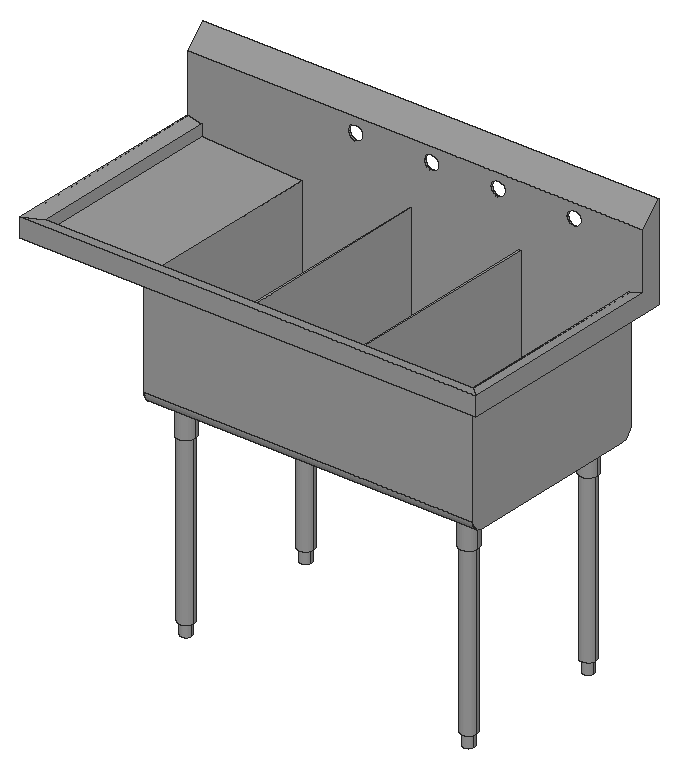
Revit family "equip-sink-elkay-Sturdibilt-TPL-DB-L", category Plumbing Fixtures, Revit 2019
Family settings
  Round Connector Dimension = Use Diameter
  Part Type = Normal
  Work Plane-Based = No
  Always vertical = Yes
  Cut with Voids When Loaded = No
  Shared = No
  Room Calculation Point = No
Parameters (values of type "ByType")
  Width = 2' - 0"
  URL = "http://www.elkayusa.com/cps/rde/xchg/elkay/hs.xsl/Default.aspx"
  Specification URL = "http://www.elkayusa.com/cps/rde/xbcr/elkay/04-04F_STURDIBILT_SCULLERY_TRIPLE.pdf"
  Model Number = " "
  Model = "Sturdibilt"
  Manufacturer = "Elkay Manufacturer"
  Length = 4' - 0"
  Hidden Width = if(Compartment Width > 0' 11", Width, (Backsplash Width + Sink Rim Front Width + Compartment Width))  # 2' - 0"
  Sink Material = Metal - Steel - Stainless - Chrome
  Hidden Drainboard Left = if(Drainboard Left > 0' 2", Drainboard Left, 0' 2")  # 1' - 0"
  Sink Rim Side Left Width = 0' - 1 1/2"  # constant formula
  Hidden Compartment Width = Width - Sink Rim Front Width - Backsplash Width  # 1' - 8 1/2"
  Hidden Compartment Length = (Length - Drainboard Left) / 3  # 1' - 0"
  Drainboard Left = 1' - 0"
  Description = "Sturdibilt Triple Compartment Scullery Sinks, Drainborad Left"
  Compartment Length = if(Hidden Compartment Length > 0' 8 1/2", Hidden Compartment Length, 0' 8 1/2")  # 1' - 0"
  Hidden Length = if(Compartment Length > 0' 8 1/2", Length, (Drainboard Left + (Compartment Length * 3)))  # 4' - 0"
  Sink Rim Side Right Width = 0' - 1 1/2"  # constant formula
  Sink Rim Front Width = 0' - 1 1/2"  # constant formula
  Backsplash Width = 0' - 2"  # constant formula
  Sink Drain Location = Compartment Width / 2  # 0' - 10 1/4"
  Compartment Depth = 1' - 2"
  Compartment Width = if(Hidden Compartment Width > 0' 11", Hidden Compartment Width, 0' 11")  # 1' - 8 1/2"
  Rim Height = 3' - 0"
  Hole 3 to 4 = 0' - 8"
  Hole 2 to 3 = 0' - 7"
  Hole 1 to 2 = 0' - 8"
  Hole 1 From CL = 0' - 11 1/2"
  Faucet CL from Top Backsplash = 0' - 3 1/2"
  Backsplash Height = 0' - 8"
Reference planes (in)
  plane 1 "CL Sink Hole": y = 0
  plane 2 "Bottom": z = 0
  plane 3 "Compartment Center": x = 0
  plane 4 "Basin Edge Left": x = -17.25
  plane 5 "Basin Edge Right": x = 17.25
  plane 6 "Basin Edge Back": y = 10.25
  plane 7 "Basin Edge Front": y = -10.25
  plane 8 "Left": x = -29.25
  plane 9 "Right": x = 18.75
  plane 10 "Back": y = 12.25
  plane 11 "Front": y = -11.75
  plane 12 "Sink Bowl Bottom (Top Face)": z = 22
  plane 13 "Sink Bowl Bottom (Bottom Face)": z = 21.875
  plane 14 "Sink Bottom Piece Back Edge": y = 9.25
  plane 15 "Sink Bottom Piece Front Edge": y = -9.25
  plane 16 "Center (Front/Back)": y = 0
  plane 17 "Sink Rim Top": z = 36
  plane 18 "Sink Bowl Bottom Radius Top Tangent": z = 23
  plane 19 "Sink Rim Inside Lower Edge": z = 35.59808
  plane 20: z = 44
  plane 21 "Backsplash Angle": z = 42
  plane 22 "Backsplash Side Piece Front": y = 10.375
  plane 23 "Backsplash Side Piece Top": z = 43.82322
  plane 24 "Backsplash Side Piece Angle": z = 41.94822
  plane 25 "Backsplash Side Piece Bottom": z = 34
  plane 26 "Backsplash Side Right Piece Inside Edge": x = 18.625
  plane 27 "Backsplash Side Left Piece Inside Edge": x = -29.125
  plane 28 "Basin Edge Right Outside Face": x = 17.3125
  plane 29 "Basin Edge Left Outside Face": x = -17.3125
  plane 30 "Faucet Hole CL Elev": z = 40.5
  plane 31 "CL Faucet Hole Left": x = -11.5
  plane 32 "CL Faucet Hole Right": x = -3.5
  plane 33 "Leg Left CL": x = -14.875
  plane 34 "Leg Front CL": y = -7.875
  plane 35: z = 18.825
  plane 36: z = 1.3125
  plane 37 "Leg Right CL": x = 14.875
  plane 38 "Leg Back CL": y = 7.875
  plane 39 "Drainboard Lower Top Face": z = 34
  plane 40 "Drainboard Upper Top Face": z = 34.5
  plane 41: x = -27.75
  plane 42 "Sink Drain Left CL": x = -11.5
  plane 43 "Partition Edge Left": x = -5.82422
  plane 44 "Partition Edge Right": x = -5.67578
  plane 45 "Sink Drain Right CL": x = 11.5
  plane 46 "Partition Top": z = 35.47
  plane 47 "Partition Left CL": x = -5.75
  plane 48 "Partition Right CL": x = 5.75
  plane 49 "Partition Right - Left Edge": x = 5.675
  plane 50 "Partition Right - Right Edge": x = 5.825
  plane 51 "CL Faucet Hole2 Left": x = 3.5
  plane 52 "CL Faucet Hole2 RIGHT": x = 11.5
  plane 53 "Center (Left/Right)": x = -5.25
  plane 54: y = -10.375
  plane 55 "Basin Edge Back Outside": y = 10.375
Forms (in)
  Sweep 1, solid, material "Metal - Steel - Stainless - Chrome" <- "Sink Material"
    path origin (0, 0, 36) x (0, -1, 0) y (1, 0, 0)
      loop
        line (-10.25, 18.75) -> (11.75, 18.75) -> (11.75, -17.25)
    profile "profile-weldbilt-rim : profile-weldbilt-rim" origin (0.75, -11.75, 36) x (0, -1, 0) y (0, 0, 1)
      loop
        line (-1.5, -0.40192) -> (-1.41389, -0.45164) -> (-0.07031, -0.09163) -> (-0.07031, -1.94605) -> (-0.42259, -2.04044) -> (-0.42259, -2.11323) -> (0, -2) -> (0, 0) -> (-1.5, -0.40192)
  Extrusion 2, solid, material "Metal - Steel - Stainless - Chrome" <- "Sink Material"
    sketch origin (0, 0, 0) x (0, 1, 0) y (0, 0, 1)
      loop
        line (-10.375, 35.59808) -> (-10.375, 23)
        arc (-10.375, 23) -> (-10.0455, 22.2045) -> (-9.25, 21.875) r 1.125
        line (-9.25, 21.875) -> (9.25, 21.875)
        arc (9.25, 21.875) -> (10.0455, 22.2045) -> (10.375, 23) r 1.125
        line (10.375, 23) -> (10.375, 34) -> (10.25, 34) -> (10.25, 23)
        arc (10.25, 23) -> (9.95711, 22.29289) -> (9.25, 22) r 1
        line (9.25, 22) -> (-9.25, 22)
        arc (-9.25, 22) -> (-9.95711, 22.29289) -> (-10.25, 23) r 1
        line (-10.25, 23) -> (-10.25, 35.59808) -> (-10.375, 35.59808)
    from -17.25 to 17.25
  Extrusion 3, solid, material "Metal - Steel - Stainless - Chrome" <- "Sink Material"
    sketch origin (0, 0, 0) x (0, 1, 0) y (0, 0, 1)
      loop
        line (10.25, 42) -> (10.25, 34) -> (10.375, 34) -> (10.375, 41.94822) -> (12.25, 43.82322) -> (12.25, 44) -> (10.25, 42)
    from -29.25 to 18.75
  Extrusion 4, solid, material "Metal - Steel - Stainless - Chrome" <- "Sink Material"
    sketch origin (18.75, 0, 0) x (0, 1, 0) y (0, 0, 1)
      loop
        line (12.25, 43.82322) -> (10.375, 41.94822) -> (10.375, 34) -> (12.25, 34) -> (12.25, 43.82322)
    from -0.125 to 0
  Extrusion 5, solid, material "Metal - Steel - Stainless - Chrome" <- "Sink Material"
    sketch origin (-18, 0, 0) x (0, 1, 0) y (0, 0, 1)
      loop
        line (12.25, 43.82322) -> (10.375, 41.94822) -> (10.375, 34) -> (12.25, 34) -> (12.25, 43.82322)
    from -11.25 to -11.125
  Extrusion 6, solid, material "Metal - Steel - Stainless - Chrome" <- "Sink Material"
    sketch origin (17.25, 0, 0) x (0, 1, 0) y (0, 0, 1)
      loop
        line (-10.375, 35.59808) -> (-10.375, 23)
        arc (-10.375, 23) -> (-10.0455, 22.2045) -> (-9.25, 21.875) r 1.125
        line (-9.25, 21.875) -> (9.25, 21.875)
        arc (9.25, 21.875) -> (10.0455, 22.2045) -> (10.375, 23) r 1.125
        line (10.375, 23) -> (10.375, 35.59808) -> (-10.375, 35.59808)
    from 0 to 0.0625
  Extrusion 7, solid, material "Metal - Steel - Stainless - Chrome" <- "Sink Material"
    sketch origin (-17.25, 0, 0) x (0, 1, 0) y (0, 0, 1)
      loop
        line (10.375, 34) -> (-10.375, 34) -> (-10.375, 23)
        arc (-10.375, 23) -> (-10.0455, 22.2045) -> (-9.25, 21.875) r 1.125
        line (-9.25, 21.875) -> (9.25, 21.875)
        arc (9.25, 21.875) -> (10.0455, 22.2045) -> (10.375, 23) r 1.125
        line (10.375, 23) -> (10.375, 34)
    from -0.0625 to 0
  Extrusion 8, void
    sketch origin (0, 0, 0) x (1, 0, 0) y (0, 0, 1)
      loop
        circle (-11.5, 40.5) r 0.75
    from -10.375 to -10.25
  Extrusion 9, void
    sketch origin (0, 0, 0) x (1, 0, 0) y (0, 0, 1)
      loop
        circle (-3.5, 40.5) r 0.75
    from -10.375 to -10.25
  Extrusion 10, void
    sketch origin (-45.27944, 78.60934, 0) x (1, 0, 0) y (0, 1, 0)
      loop
        circle (33.77944, -78.60934) r 2.375
    from 21.875 to 22
  Revolve 11, solid, material "Metal - Steel - Stainless - Chrome" <- "Sink Material"
    sketch origin (0, -7.875, 0) x (-1, 0, 0) y (0, 0, 1)
      loop
        line (15.6875, 18.825) -> (15.845, 18.825) -> (15.845, 21.875) -> (14.875, 21.875) -> (14.875, 0) -> (15.4375, 0) -> (15.4375, 1.3125) -> (15.6875, 1.3125) -> (15.6875, 18.825)
      axis (14.875, 21.875) -> (14.875, 0)
    angle from 0 to 360
  Revolve 12, solid, material "Metal - Steel - Stainless - Chrome" <- "Sink Material"
    sketch origin (0, -7.875, 0) x (-1, 0, 0) y (0, 0, 1)
      loop
        line (-15.6875, 18.825) -> (-15.6875, 1.3125) -> (-15.4375, 1.3125) -> (-15.4375, 0) -> (-14.875, 0) -> (-14.875, 21.875) -> (-15.845, 21.875) -> (-15.845, 18.825) -> (-15.6875, 18.825)
      axis (-14.875, 21.875) -> (-14.875, 0)
    angle from 0 to 360
  Revolve 13, solid, material "Metal - Steel - Stainless - Chrome" <- "Sink Material"
    sketch origin (0, 7.875, 0) x (-1, 0, 0) y (0, 0, 1)
      loop
        line (-15.6875, 18.825) -> (-15.6875, 1.3125) -> (-15.4375, 1.3125) -> (-15.4375, 0) -> (-14.875, 0) -> (-14.875, 21.875) -> (-15.845, 21.875) -> (-15.845, 18.825) -> (-15.6875, 18.825)
      axis (-14.875, 21.875) -> (-14.875, 0)
    angle from 0 to 360
  Revolve 14, solid, material "Metal - Steel - Stainless - Chrome" <- "Sink Material"
    sketch origin (0, 7.875, 0) x (-1, 0, 0) y (0, 0, 1)
      loop
        line (14.0625, 18.825) -> (14.0625, 1.3125) -> (14.3125, 1.3125) -> (14.3125, 0) -> (14.875, 0) -> (14.875, 21.875) -> (13.905, 21.875) -> (13.905, 18.825) -> (14.0625, 18.825)
      axis (14.875, 21.875) -> (14.875, 0)
    angle from 0 to 360
  Sweep 15, solid, material "Metal - Steel - Stainless - Chrome" <- "Sink Material"
    path origin (0, 0, 22) x (-1, 0, 0) y (0, -1, 0)
      loop
        circle (11.5, 0) r 2.375
    profile "profile-elkay-sink-hole-1 : profile-elkay-sink-hole-1" origin (-11.5, -2.375, 22) x (0, 1, 0) y (0, 0, 1)
      loop
        arc (0.10775, -0.05529) -> (0.06053, -0.01467) -> (0, 0) r 0.133
        line (0, 0) -> (0, -0.07422)
        arc (0, -0.07422) -> (0.0267, -0.08072) -> (0.04752, -0.09865) r 0.05878
        line (0.04752, -0.09865) -> (0.12152, -0.20143) -> (0.5715, -0.40832) -> (0.5715, -0.32577) -> (0.16939, -0.14089) -> (0.10775, -0.05529)
  Extrusion 16, solid, material "Metal - Steel - Stainless - Chrome" <- "Sink Material"
    sketch origin (0, 0, 0) x (1, 0, 0) y (0, 0, 1)
      loop
        line (-27.75, 34.5) -> (-27.75, 34.4257) -> (-17.25, 33.9257) -> (-17.25, 34) -> (-27.75, 34.5)
    from -10.25 to 10.25
  Sweep 17, solid, material "Metal - Steel - Stainless - Chrome" <- "Sink Material"
    path origin (0, 0, 36) x (0, -1, 0) y (1, 0, 0)
      loop
        line (-10.25, -29.25) -> (11.75, -29.25) -> (11.75, -17.25)
    profile "profile-weldbilt-rim-db : profile-weldbilt-rim-db" origin (-29.25, -0.75, 36) x (1, 0, 0) y (0, 0, 1)
      loop
        line (1.5, -0.40192) -> (0, 0) -> (0, -2) -> (0.42259, -2.11323) -> (0.42259, -2.04044) -> (0.07031, -1.94605) -> (0.07031, -0.09163) -> (1.4375, -0.45797) -> (1.4375, -2) -> (1.5, -2) -> (1.5, -0.40192)
  Extrusion 18, void
    sketch origin (0, 0, 0) x (1, 0, 0) y (0, 1, 0)
      loop
        circle (11.5, 0) r 2.375
    from 21.875 to 22
  Sweep 19, solid, material "Metal - Steel - Stainless - Chrome" <- "Sink Material"
    path origin (0, 0, 22) x (-1, 0, 0) y (0, -1, 0)
      loop
        circle (-11.5, 0) r 2.375
    profile "profile-elkay-sink-hole-1 : profile-elkay-sink-hole-1" origin (11.5, -2.375, 22) x (0, 1, 0) y (0, 0, 1)
      loop
        arc (0.10775, -0.05529) -> (0.06053, -0.01467) -> (0, 0) r 0.133
        line (0, 0) -> (0, -0.07422)
        arc (0, -0.07422) -> (0.0267, -0.08072) -> (0.04752, -0.09865) r 0.05878
        line (0.04752, -0.09865) -> (0.12152, -0.20143) -> (0.5715, -0.40832) -> (0.5715, -0.32577) -> (0.16939, -0.14089) -> (0.10775, -0.05529)
  Extrusion 20, solid, material "Metal - Steel - Stainless - Chrome" <- "Sink Material"
    sketch origin (0, 0, 0) x (0, 1, 0) y (0, 0, 1)
      loop
        line (-10.25, 35.47) -> (-10.25, 23)
        arc (-10.25, 23) -> (-9.95711, 22.29289) -> (-9.25, 22) r 1
        line (-9.25, 22) -> (9.25, 22)
        arc (9.25, 22) -> (9.95711, 22.29289) -> (10.25, 23) r 1
        line (10.25, 23) -> (10.25, 35.47) -> (-10.25, 35.47)
    from -5.82422 to -5.67578
  Extrusion 21, void
    sketch origin (0, 0, 0) x (1, 0, 0) y (0, 1, 0)
      loop
        circle (0, 0) r 2.375
    from 21.875 to 22
  Sweep 22, solid, material "Metal - Steel - Stainless - Chrome" <- "Sink Material"
    path origin (0, 0, 22) x (-1, 0, 0) y (0, -1, 0)
      loop
        circle (0, 0) r 2.375
    profile "profile-elkay-sink-hole-1 : profile-elkay-sink-hole-1" origin (0, -2.375, 22) x (0, 1, 0) y (0, 0, 1)
      loop
        arc (0.10775, -0.05529) -> (0.06053, -0.01467) -> (0, 0) r 0.133
        line (0, 0) -> (0, -0.07422)
        arc (0, -0.07422) -> (0.0267, -0.08072) -> (0.04752, -0.09865) r 0.05878
        line (0.04752, -0.09865) -> (0.12152, -0.20143) -> (0.5715, -0.40832) -> (0.5715, -0.32577) -> (0.16939, -0.14089) -> (0.10775, -0.05529)
  Extrusion 23, solid, material "Metal - Steel - Stainless - Chrome" <- "Sink Material"
    sketch origin (0, 0, 0) x (0, 1, 0) y (0, 0, 1)
      loop
        line (-10.25, 35.47) -> (-10.25, 23)
        arc (-10.25, 23) -> (-9.95711, 22.29289) -> (-9.25, 22) r 1
        line (-9.25, 22) -> (9.25, 22)
        arc (9.25, 22) -> (9.95711, 22.29289) -> (10.25, 23) r 1
        line (10.25, 23) -> (10.25, 35.47) -> (-10.25, 35.47)
    from 5.675 to 5.825
  Extrusion 24, void
    sketch origin (0, 0, 0) x (1, 0, 0) y (0, 0, 1)
      loop
        circle (3.5, 40.5) r 0.75
    from -10.375 to -10.25
  Extrusion 25, void
    sketch origin (0, 0, 0) x (1, 0, 0) y (0, 0, 1)
      loop
        circle (11.5, 40.5) r 0.75
    from -10.375 to -10.25
Cuts and joins
  Extrusion 10, Extrusion 18, Extrusion 21 cuts Extrusion 2
  Extrusion 8, Extrusion 9, Extrusion 24, Extrusion 25 cuts Extrusion 3
  Extrusion 10 cuts Extrusion 6
  joined: Sweep 1, Extrusion 2, Extrusion 3, Extrusion 4, Extrusion 5, Extrusion 6, Extrusion 7, Sweep 15, Sweep 17, Sweep 19, Sweep 22
Lines and regions (in)
  Masking region 1
    outline origin (0, 0, 0) x (1, 0, 0) y (0, 1, 0)
      loop
        line (-29.25, 12.25) -> (-29.25, -11.75) -> (18.75, -11.75) -> (18.75, 12.25) -> (-29.25, 12.25)
  reference lines
    curve 1: arc (0, -9.25, 22) -> (0, -9.95711, 22.29289) -> (0, -10.25, 23) r 1
    curve 2: arc (0, 10.25, 23) -> (0, 9.95711, 22.29289) -> (0, 9.25, 22) r 1
    curve 3: line (-14.875, -7.875, 21.875) -> (-14.875, -7.875, 0)
    curve 4: line (14.875, -7.875, 22) -> (14.875, -7.875, 0)
    curve 5: line (14.875, 7.875, 21.875) -> (14.875, 7.875, 0)
    curve 6: line (-14.875, 7.875, 21.875) -> (-14.875, 7.875, 0)
    curve 13: line (-17.25, 0, 34) -> (-27.75, 0, 34.5)
    curve 14: line (-17.25165, 0, 33.92578) -> (-27.75165, 0, 34.42578)
    curve 26: arc (0, -10.375, 23) -> (0, -10.0455, 22.2045) -> (0, -9.25, 21.875) r 1.125
    curve 27: arc (0, 10.375, 23) -> (0, 10.0455, 22.2045) -> (0, 9.25, 21.875) r 1.125
  symbolic lines
    curve 7: line (-29.25, 10.25, 0) -> (18.75, 10.25, 0)
    curve 8: line (-17.25, -10.25, 0) -> (-17.25, 10.25, 0)
    curve 9: line (17.25, -10.25, 0) -> (-27.75, -10.25, 0)
    curve 10: line (17.25, 10.25, 0) -> (17.25, -10.25, 0)
    curve 11: line (-27.75, -10.25, 0) -> (-29.25, -11.75, 0)
    curve 12: line (18.75, -11.75, 0) -> (17.25, -10.25, 0)
    curve 15: line (-27.75, 10.25, 0) -> (-27.75, -10.25, 0)
    curve 16: circle (-11.5, 0, 0) r 2.375 normal (0, 0, 1)
    curve 17: circle (-11.5, 0, 0) r 1.75 normal (0, 0, 1)
    curve 18: circle (11.5, 0, 0) r 2.375 normal (0, 0, 1)
    curve 19: circle (11.5, 0, 0) r 1.75 normal (0, 0, 1)
    curve 20: line (-5.67578, 10.25, 0) -> (-5.67578, -10.25, 0)
    curve 21: line (-5.82422, -10.25, 0) -> (-5.82422, 10.25, 0)
    curve 22: circle (0, 0, 0) r 2.375 normal (0, 0, 1)
    curve 23: circle (0, 0, 0) r 1.75 normal (0, 0, 1)
    curve 24: line (5.675, 10.25, 0) -> (5.675, -10.25, 0)
    curve 25: line (5.825, -10.25, 0) -> (5.825, 10.25, 0)
Dimensions and locks (in)
  equal spacing: plane 4 "Basin Edge Left", plane 3 "Compartment Center", plane 5 "Basin Edge Right"
  "Hidden Drainboard Left": plane 8 "Left" to plane 4 "Basin Edge Left"
  "Sink Rim Side Right Width": plane 5 "Basin Edge Right" to plane 9 "Right"
  "Hidden Length": plane 8 "Left" to plane 9 "Right"
  "Sink Drain Location": plane 6 "Basin Edge Back" to plane 1 "CL Sink Hole"
  "Backsplash Width": plane 10 "Back" to plane 6 "Basin Edge Back"
  "Sink Rim Front Width": plane 7 "Basin Edge Front" to plane 11 "Front"
  "Hidden Width": plane 10 "Back" to plane 11 "Front"
  locked: plane 15 "Sink Bottom Piece Front Edge" to plane 7 "Basin Edge Front" at 1
  locked: plane 6 "Basin Edge Back" to plane 14 "Sink Bottom Piece Back Edge" at 1
  plane 6 "Basin Edge Back" to plane 7 "Basin Edge Front" = 1' - 8 1/2"
  equal spacing: plane 6 "Basin Edge Back", plane 16 "Center (Front/Back)", plane 7 "Basin Edge Front"
  "Compartment Depth": plane 17 "Sink Rim Top" to plane 12 "Sink Bowl Bottom (Top Face)"
  "Rim Height": plane 17 "Sink Rim Top" to plane 2 "Bottom"
  locked: plane 18 "Sink Bowl Bottom Radius Top Tangent" to plane 12 "Sink Bowl Bottom (Top Face)" at 1
  locked: plane 17 "Sink Rim Top" to plane 19 "Sink Rim Inside Lower Edge" at 0.40192
  "Backsplash Height": plane 20 to plane 17 "Sink Rim Top"
  locked: plane 20 to plane 21 "Backsplash Angle" at 2
  locked: plane 20 to plane 23 "Backsplash Side Piece Top" at 0.17678
  locked: plane 6 "Basin Edge Back" to plane 22 "Backsplash Side Piece Front" at 0.125
  locked: plane 21 "Backsplash Angle" to plane 24 "Backsplash Side Piece Angle" at 0.05178
  locked: plane 26 "Backsplash Side Right Piece Inside Edge" to plane 9 "Right" at 0.125
  locked: plane 8 "Left" to plane 27 "Backsplash Side Left Piece Inside Edge" at 0.125
  locked: plane 5 "Basin Edge Right" to plane 28 "Basin Edge Right Outside Face" at 0.0625
  locked: plane 29 "Basin Edge Left Outside Face" to plane 4 "Basin Edge Left" at 0.0625
  locked: plane 17 "Sink Rim Top" to plane 25 "Backsplash Side Piece Bottom" at 2
  locked: plane 34 "Leg Front CL" to plane 7 "Basin Edge Front" at 2.375
  locked: plane 4 "Basin Edge Left" to plane 33 "Leg Left CL" at 2.375
  "Hole 1 From CL": plane 31 "CL Faucet Hole Left" to plane 3 "Compartment Center"
  "Hole 1 to 2": plane 31 "CL Faucet Hole Left" to plane 32 "CL Faucet Hole Right"
  locked: plane 12 "Sink Bowl Bottom (Top Face)" to plane 13 "Sink Bowl Bottom (Bottom Face)" at 0.125
  locked: plane 12 "Sink Bowl Bottom (Top Face)" to plane 35 at 3.175
  locked: plane 36 to plane 2 "Bottom" at 1.3125
  "Faucet CL from Top Backsplash": plane 20 to plane 30 "Faucet Hole CL Elev"
  locked: plane 37 "Leg Right CL" to plane 5 "Basin Edge Right" at 2.375
  locked: plane 6 "Basin Edge Back" to plane 38 "Leg Back CL" at 2.375
  locked: plane 17 "Sink Rim Top" to plane 40 "Drainboard Upper Top Face" at 1.5
  locked: plane 17 "Sink Rim Top" to plane 39 "Drainboard Lower Top Face" at 2
  "Sink Rim Side Left Width": plane 8 "Left" to plane 41
  equal spacing: plane 48 "Partition Right CL", plane 45 "Sink Drain Right CL", plane 5 "Basin Edge Right"
  equal spacing: plane 4 "Basin Edge Left", plane 42 "Sink Drain Left CL", plane 47 "Partition Left CL"
  locked: plane 17 "Sink Rim Top" to plane 46 "Partition Top" at 0.53
  equal spacing: plane 4 "Basin Edge Left", plane 47 "Partition Left CL", plane 48 "Partition Right CL", plane 5 "Basin Edge Right"
  equal spacing: plane 43 "Partition Edge Left", plane 47 "Partition Left CL", plane 44 "Partition Edge Right"
  locked: plane 43 "Partition Edge Left" to plane 44 "Partition Edge Right" at 0.14844
  equal spacing: plane 49 "Partition Right - Left Edge", plane 48 "Partition Right CL", plane 50 "Partition Right - Right Edge"
  locked: plane 49 "Partition Right - Left Edge" to plane 50 "Partition Right - Right Edge" at 0.15
  "Hole 2 to 3": plane 32 "CL Faucet Hole Right" to plane 51 "CL Faucet Hole2 Left"
  "Hole 3 to 4": plane 51 "CL Faucet Hole2 Left" to plane 52 "CL Faucet Hole2 RIGHT"
  equal spacing: plane 8 "Left", plane 53 "Center (Left/Right)", plane 9 "Right"
  locked: plane 6 "Basin Edge Back" to plane 55 "Basin Edge Back Outside" at 0.125
  locked: plane 54 to plane 7 "Basin Edge Front" at 0.125
  locked: nested 1 to plane 9 "Right" at 4
  locked: plane 10 "Back" to nested 1 at 1
  aligned and locked: Extrusion 2 sketch curve to plane 6 "Basin Edge Back"
  aligned and locked: Extrusion 2 sketch curve to curve 2
  aligned and locked: Extrusion 2 sketch curve to curve 1
  aligned and locked: plane 5 "Basin Edge Right" to Extrusion 2
  aligned and locked: Extrusion 2 to plane 4 "Basin Edge Left"
  aligned and locked: Extrusion 2 sketch curve to plane 19 "Sink Rim Inside Lower Edge"
  aligned and locked: Extrusion 3 sketch curve to plane 10 "Back"
  aligned and locked: Extrusion 3 sketch curve to plane 6 "Basin Edge Back"
  aligned and locked: plane 9 "Right" to Extrusion 3
  aligned and locked: Extrusion 3 to plane 8 "Left"
  aligned and locked: plane 10 "Back" to Extrusion 4 sketch curve
  aligned and locked: Extrusion 4 sketch curve to plane 25 "Backsplash Side Piece Bottom"
  aligned and locked: Extrusion 4 sketch curve to plane 22 "Backsplash Side Piece Front"
  aligned and locked: Extrusion 4 to plane 26 "Backsplash Side Right Piece Inside Edge"
  aligned and locked: plane 9 "Right" to Extrusion 4
  aligned and locked: Extrusion 5 sketch curve to plane 10 "Back"
  aligned and locked: plane 22 "Backsplash Side Piece Front" to Extrusion 5 sketch curve
  aligned and locked: plane 25 "Backsplash Side Piece Bottom" to Extrusion 5 sketch curve
  aligned and locked: plane 27 "Backsplash Side Left Piece Inside Edge" to Extrusion 5
  aligned and locked: Extrusion 5 to plane 8 "Left"
  aligned and locked: Extrusion 6 to plane 5 "Basin Edge Right"
  aligned and locked: plane 28 "Basin Edge Right Outside Face" to Extrusion 6
  aligned and locked: Extrusion 7 to plane 29 "Basin Edge Left Outside Face"
  aligned and locked: plane 4 "Basin Edge Left" to Extrusion 7
  aligned and locked: plane 22 "Backsplash Side Piece Front" to Extrusion 9
  aligned and locked: Extrusion 9 to plane 6 "Basin Edge Back"
  aligned and locked: plane 22 "Backsplash Side Piece Front" to Extrusion 8
  aligned: Extrusion 8 to plane 14 "Sink Bottom Piece Back Edge"
  aligned and locked: Extrusion 8 to plane 6 "Basin Edge Back"
  aligned and locked: plane 12 "Sink Bowl Bottom (Top Face)" to Extrusion 10
  aligned and locked: Extrusion 10 to plane 13 "Sink Bowl Bottom (Bottom Face)"
  aligned and locked: Revolve 11 sketch curve to plane 13 "Sink Bowl Bottom (Bottom Face)"
  aligned and locked: Revolve 11 sketch curve to curve 3
  aligned and locked: curve 4 to plane 37 "Leg Right CL"
  aligned and locked: plane 12 "Sink Bowl Bottom (Top Face)" to curve 4
  aligned and locked: plane 2 "Bottom" to curve 4
  aligned and locked: Revolve 12 sketch curve to plane 36
  aligned and locked: Revolve 12 sketch curve to plane 35
  aligned and locked: plane 2 "Bottom" to Revolve 12 sketch curve  (x3)
  aligned and locked: plane 13 "Sink Bowl Bottom (Bottom Face)" to Revolve 12 sketch curve  (x2)
  aligned and locked: curve 4 to Revolve 12 sketch curve  (x2)
  aligned and locked: Revolve 13 sketch curve to plane 2 "Bottom"
  aligned and locked: plane 36 to Revolve 13 sketch curve
  aligned and locked: plane 35 to Revolve 13 sketch curve
  aligned and locked: Revolve 13 sketch curve to plane 13 "Sink Bowl Bottom (Bottom Face)"
  aligned and locked: plane 37 "Leg Right CL" to Revolve 13 sketch curve
  aligned and locked: Revolve 13 sketch curve to curve 5
  aligned and locked: Revolve 14 sketch curve to plane 2 "Bottom"
  aligned and locked: plane 36 to Revolve 14 sketch curve
  aligned and locked: plane 35 to Revolve 14 sketch curve
  aligned and locked: Revolve 14 sketch curve to plane 13 "Sink Bowl Bottom (Bottom Face)"
  aligned and locked: plane 33 "Leg Left CL" to Revolve 14 sketch curve
  aligned and locked: plane 2 "Bottom" to Revolve 14 sketch curve
  aligned and locked: Revolve 14 sketch curve to plane 33 "Leg Left CL"
  aligned and locked: Masking region 1 sketch curve to plane 10 "Back"
  aligned and locked: plane 8 "Left" to Masking region 1 sketch curve
  aligned and locked: Masking region 1 sketch curve to plane 9 "Right"
  aligned and locked: plane 11 "Front" to Masking region 1 sketch curve
  aligned and locked: cut or joined group of Sweep 1, Extrusion 2, Extrusion 3, Extrusion 4, Extrusion 5, Extrusion 6, Extrusion 7, Extrusion 8, Extrusion 9, Extrusion 10, Sweep 15, Sweep 17, Extrusion 18, Sweep 19, Extrusion 21, Sweep 22, Extrusion 24, Extrusion 25 to plane 5 "Basin Edge Right"
  aligned and locked: plane 7 "Basin Edge Front" to curve 9
  aligned and locked: plane 4 "Basin Edge Left" to curve 8
  aligned and locked: curve 7 to plane 6 "Basin Edge Back"
  aligned and locked: plane 8 "Left" to curve 7
  aligned and locked: plane 9 "Right" to curve 7
  aligned and locked: Extrusion 2 sketch curve to plane 39 "Drainboard Lower Top Face"
  aligned and locked: Extrusion 3 sketch curve to plane 39 "Drainboard Lower Top Face"
  aligned and locked: Extrusion 7 sketch curve to plane 39 "Drainboard Lower Top Face"
  aligned and locked: plane 41 to Extrusion 16 sketch curve
  aligned and locked: Extrusion 16 sketch curve to plane 4 "Basin Edge Left"
  aligned and locked: Extrusion 16 sketch curve to curve 13
  aligned and locked: Extrusion 16 sketch curve to curve 14
  aligned and locked: plane 6 "Basin Edge Back" to Extrusion 16
  aligned and locked: Extrusion 16 to plane 7 "Basin Edge Front"
  aligned and locked: plane 4 "Basin Edge Left" to Sweep 1 sketch curve
  aligned and locked: Sweep 17 sketch curve to plane 11 "Front"
  aligned and locked: Sweep 17 sketch curve to plane 8 "Left"
  aligned and locked: plane 6 "Basin Edge Back" to Sweep 17 sketch curve
  aligned and locked: plane 4 "Basin Edge Left" to Sweep 17 sketch curve
  aligned and locked: Sweep 1 sketch curve to plane 9 "Right"
  aligned and locked: plane 11 "Front" to Sweep 1 sketch curve
  aligned and locked: plane 6 "Basin Edge Back" to Sweep 1 sketch curve
  aligned and locked: Extrusion 6 sketch curve to plane 19 "Sink Rim Inside Lower Edge"
  aligned and locked: plane 12 "Sink Bowl Bottom (Top Face)" to Extrusion 18
  aligned and locked: Extrusion 18 to plane 13 "Sink Bowl Bottom (Bottom Face)"
  aligned and locked: Extrusion 20 sketch curve to plane 6 "Basin Edge Back"
  aligned and locked: Extrusion 20 sketch curve to plane 46 "Partition Top"
  aligned and locked: Extrusion 20 sketch curve to curve 1
  aligned and locked: Extrusion 20 sketch curve to curve 2
  aligned and locked: Extrusion 20 to plane 43 "Partition Edge Left"
  aligned and locked: plane 44 "Partition Edge Right" to Extrusion 20
  aligned and locked: plane 12 "Sink Bowl Bottom (Top Face)" to Extrusion 21
  aligned and locked: Extrusion 21 to plane 13 "Sink Bowl Bottom (Bottom Face)"
  aligned and locked: Extrusion 23 sketch curve to plane 6 "Basin Edge Back"
  aligned and locked: Extrusion 23 sketch curve to plane 46 "Partition Top"
  aligned and locked: Extrusion 23 sketch curve to curve 1
  aligned and locked: Extrusion 23 sketch curve to curve 2
  aligned and locked: Extrusion 23 to plane 50 "Partition Right - Right Edge"
  aligned and locked: Extrusion 23 to plane 49 "Partition Right - Left Edge"
  aligned and locked: plane 22 "Backsplash Side Piece Front" to Extrusion 24
  aligned and locked: plane 22 "Backsplash Side Piece Front" to Extrusion 25
  aligned and locked: Extrusion 25 to plane 6 "Basin Edge Back"
  aligned and locked: Extrusion 24 to plane 6 "Basin Edge Back"
  aligned and locked: Extrusion 6 sketch curve to plane 54
  aligned and locked: Extrusion 6 sketch curve to plane 55 "Basin Edge Back Outside"
  aligned and locked: Extrusion 6 sketch curve to curve 26
  aligned and locked: Extrusion 6 sketch curve to curve 27
  aligned and locked: Extrusion 7 sketch curve to plane 54
  aligned and locked: Extrusion 7 sketch curve to curve 26
  aligned and locked: Extrusion 7 sketch curve to curve 27
  aligned and locked: Extrusion 7 sketch curve to plane 55 "Basin Edge Back Outside"
Automatic sketch dimensions
  Extrusion 2 sketch curve to Extrusion 2 sketch curve = 0' - 0"  (x4)
  Extrusion 2 sketch curve to plane 22 "Backsplash Side Piece Front" = 0' - 0"
  Extrusion 3 sketch curve to plane 22 "Backsplash Side Piece Front" = 0' - 0"
  Extrusion 3 sketch curve to plane 24 "Backsplash Side Piece Angle" = 0' - 0"
  Extrusion 3 sketch curve to plane 21 "Backsplash Angle" = 0' - 0"
  Extrusion 3 sketch curve to plane 23 "Backsplash Side Piece Top" = 0' - 0"
  Extrusion 3 sketch curve to plane 20 = 0' - 0"
  Extrusion 4 sketch curve to plane 24 "Backsplash Side Piece Angle" = 0' - 0"
  Extrusion 4 sketch curve to plane 23 "Backsplash Side Piece Top" = 0' - 0"
  Extrusion 5 sketch curve to plane 24 "Backsplash Side Piece Angle" = 0' - 0"
  Extrusion 5 sketch curve to plane 23 "Backsplash Side Piece Top" = 0' - 0"
  Extrusion 8 sketch curve to plane 30 "Faucet Hole CL Elev" = 0' - 0"
  Extrusion 8 sketch curve to plane 31 "CL Faucet Hole Left" = 0' - 0"
  Extrusion 9 sketch curve to plane 30 "Faucet Hole CL Elev" = 0' - 0"
  Extrusion 9 sketch curve to plane 32 "CL Faucet Hole Right" = 0' - 0"
  curve 3 to level = 0' - 0"
  curve 3 to plane 33 "Leg Left CL" = 0' - 0"
  curve 3 to plane 13 "Sink Bowl Bottom (Bottom Face)" = 0' - 0"
  Revolve 11 sketch curve to plane 33 "Leg Left CL" = 0' - 0"
  Revolve 11 sketch curve to level = 0' - 0"  (x2)
  Revolve 11 sketch curve to plane 36 = 0' - 0"
  Revolve 11 sketch curve to plane 35 = 0' - 0"
  Revolve 11 sketch curve to plane 13 "Sink Bowl Bottom (Bottom Face)" = 0' - 0"
  Revolve 11 sketch curve to Revolve 11 sketch curve = 0' - 0 9/16"
  Revolve 11 sketch curve to Revolve 11 sketch curve = 0' - 0 1/4"
  Revolve 11 sketch curve to Revolve 11 sketch curve = 0' - 0.1575"
  plane 37 "Leg Right CL" to Revolve 12 sketch curve = 0' - 0 9/16"
  plane 37 "Leg Right CL" to Revolve 12 sketch curve = 0' - 0 13/16"
  Revolve 12 sketch curve to Revolve 12 sketch curve = 0' - 0.1575"
  curve 5 to level = 0' - 0"
  curve 5 to plane 37 "Leg Right CL" = 0' - 0"
  curve 5 to plane 13 "Sink Bowl Bottom (Bottom Face)" = 0' - 0"
  Revolve 13 sketch curve to level = 0' - 0"
  Revolve 13 sketch curve to plane 13 "Sink Bowl Bottom (Bottom Face)" = 0' - 0"
  plane 37 "Leg Right CL" to Revolve 13 sketch curve = 0' - 0 9/16"
  Revolve 13 sketch curve to Revolve 13 sketch curve = 0' - 0 1/4"
  Revolve 13 sketch curve to Revolve 13 sketch curve = 0' - 0.97"
  Revolve 14 sketch curve to plane 13 "Sink Bowl Bottom (Bottom Face)" = 0' - 0"
  plane 33 "Leg Left CL" to Revolve 14 sketch curve = 0' - 0 9/16"
  Revolve 14 sketch curve to Revolve 14 sketch curve = 0' - 0 1/4"
  Revolve 14 sketch curve to Revolve 14 sketch curve = 0' - 0.97"
  curve 6 to level = 0' - 0"
  curve 6 to plane 33 "Leg Left CL" = 0' - 0"
  curve 6 to plane 13 "Sink Bowl Bottom (Bottom Face)" = 0' - 0"
  curve 13 to plane 4 "Basin Edge Left" = 0' - 0"
  curve 13 to plane 40 "Drainboard Upper Top Face" = 0' - 0"
  curve 13 to plane 41 = 0' - 0"
  curve 13 to plane 25 "Backsplash Side Piece Bottom" = 0' - 0"
  curve 14 to plane 4 "Basin Edge Left" = 0' - 0.00165"
  curve 14 to plane 41 = 0' - 0.00165"
  plane 1 "CL Sink Hole" to Sweep 15 sketch curve = 0' - 0"
  Sweep 15 sketch curve to plane 42 "Sink Drain Left CL" = 0' - 0"
  plane 1 "CL Sink Hole" to Extrusion 10 sketch curve = 0' - 0"
  Extrusion 10 sketch curve to plane 42 "Sink Drain Left CL" = 0' - 0"
  plane 1 "CL Sink Hole" to Extrusion 18 sketch curve = 0' - 0"
  Extrusion 18 sketch curve to plane 45 "Sink Drain Right CL" = 0' - 0"
  plane 1 "CL Sink Hole" to Sweep 19 sketch curve = 0' - 0"
  Sweep 19 sketch curve to plane 45 "Sink Drain Right CL" = 0' - 0"
  plane 1 "CL Sink Hole" to Extrusion 21 sketch curve = 0' - 0"
  Extrusion 21 sketch curve to plane 3 "Compartment Center" = 0' - 0"
  plane 1 "CL Sink Hole" to Sweep 22 sketch curve = 0' - 0"
  Sweep 22 sketch curve to plane 3 "Compartment Center" = 0' - 0"
  curve 16 to curve 17 = 0' - 0"  (x2)
  curve 18 to curve 19 = 0' - 0"  (x2)
  curve 22 to curve 23 = 0' - 0"  (x2)
  curve 11 to plane 8 "Left" = 0' - 0"
  curve 15 to plane 41 = 0' - 0"
  plane 1 "CL Sink Hole" to curve 17 = 0' - 0"
  curve 17 to plane 42 "Sink Drain Left CL" = 0' - 0"
  curve 21 to plane 43 "Partition Edge Left" = 0' - 0"
  curve 20 to plane 44 "Partition Edge Right" = 0' - 0"
  plane 1 "CL Sink Hole" to curve 22 = 0' - 0"
  curve 22 to plane 3 "Compartment Center" = 0' - 0"
  curve 24 to plane 49 "Partition Right - Left Edge" = 0' - 0"
  curve 25 to plane 50 "Partition Right - Right Edge" = 0' - 0"
  plane 1 "CL Sink Hole" to curve 18 = 0' - 0"
  curve 18 to plane 45 "Sink Drain Right CL" = 0' - 0"
  curve 9 to plane 5 "Basin Edge Right" = 0' - 0"
  curve 10 to plane 5 "Basin Edge Right" = 0' - 0"
  curve 12 to plane 9 "Right" = 0' - 0"
  curve 12 to plane 11 "Front" = 0' - 0"
  curve 11 to plane 11 "Front" = 0' - 0"
  Extrusion 24 sketch curve to plane 30 "Faucet Hole CL Elev" = 0' - 0"
  Extrusion 24 sketch curve to plane 51 "CL Faucet Hole2 Left" = 0' - 0"
  Extrusion 25 sketch curve to plane 30 "Faucet Hole CL Elev" = 0' - 0"
  Extrusion 25 sketch curve to plane 52 "CL Faucet Hole2 RIGHT" = 0' - 0"
  curve 1 to curve 26 = 0' - 0"  (x2)
  curve 2 to curve 27 = 0' - 0"  (x2)
  curve 26 to plane 18 "Sink Bowl Bottom Radius Top Tangent" = 0' - 0"
  curve 26 to plane 54 = 0' - 0"
  curve 1 to plane 7 "Basin Edge Front" = 0' - 0"
  curve 26 to plane 13 "Sink Bowl Bottom (Bottom Face)" = 0' - 0"
  curve 27 to plane 13 "Sink Bowl Bottom (Bottom Face)" = 0' - 0"
  curve 27 to plane 14 "Sink Bottom Piece Back Edge" = 0' - 0"
  curve 2 to plane 6 "Basin Edge Back" = 0' - 0"
  curve 27 to plane 18 "Sink Bowl Bottom Radius Top Tangent" = 0' - 0"
  curve 14 to plane 25 "Backsplash Side Piece Bottom" = 0' - 0 19/256"
  curve 14 to plane 40 "Drainboard Upper Top Face" = 0' - 0 19/256"
  radius of Extrusion 8 sketch curve = 0' - 0 3/4"
  radius of Extrusion 9 sketch curve = 0' - 0 3/4"
  radius of Sweep 15 sketch curve = 0' - 2 3/8"
  radius of Extrusion 10 sketch curve = 0' - 2 3/8"
  radius of Extrusion 18 sketch curve = 0' - 2 3/8"
  radius of Sweep 19 sketch curve = 0' - 2 3/8"
  radius of Extrusion 21 sketch curve = 0' - 2 3/8"
  radius of Sweep 22 sketch curve = 0' - 2 3/8"
  radius of curve 16 = 0' - 2 3/8"
  radius of curve 17 = 0' - 1 3/4"
  radius of curve 18 = 0' - 2 3/8"
  radius of curve 19 = 0' - 1 3/4"
  radius of curve 22 = 0' - 2 3/8"
  radius of curve 23 = 0' - 1 3/4"
  radius of Extrusion 24 sketch curve = 0' - 0 3/4"
  radius of Extrusion 25 sketch curve = 0' - 0 3/4"
Nested families (in)
  nested 1: "logo-elkay-detail" at (14.75, 11.25, 0), type "logo-elkay-detail"
Definition of nested family "logo-elkay-detail"
  Reference planes (in)
    plane 1 "Center (Front/Back)": y = 0
    plane 2: z = 0
    plane 3 "Center (Left/Right)": x = 0
  Lines and regions (in)
    detail lines, in view "Ref. Level"
      curve 1: line (-1.81545, 0.37736, 0) -> (-2.86608, 0.37736, 0)
      curve 2: line (-2.86608, 0.37736, 0) -> (-2.99916, -0.37736, 0)
      curve 3: line (-2.99916, -0.37736, 0) -> (-1.89769, -0.37736, 0)
      curve 4: line (-1.89769, -0.37736, 0) -> (-1.87836, -0.26772, 0)
      curve 5: line (-1.87836, -0.26772, 0) -> (-2.75664, -0.26772, 0)
      curve 6: line (-2.75664, -0.26772, 0) -> (-2.71915, -0.05507, 0)
      curve 7: line (-2.71915, -0.05507, 0) -> (-1.94254, -0.05507, 0)
      curve 8: line (-1.94254, -0.05507, 0) -> (-1.92312, 0.05507, 0)
      curve 9: line (-1.92312, 0.05507, 0) -> (-2.71407, 0.05507, 0)
      curve 10: line (-2.71407, 0.05507, 0) -> (-2.67657, 0.26772, 0)
      curve 11: line (-2.67657, 0.26772, 0) -> (-1.83479, 0.26772, 0)
      curve 12: line (-1.83479, 0.26772, 0) -> (-1.81545, 0.37736, 0)
      curve 13: line (-1.55864, -0.26772, 0) -> (-1.44489, 0.37736, 0)
      curve 14: line (-1.44489, 0.37736, 0) -> (-1.65384, 0.37736, 0)
      curve 15: line (-1.65384, 0.37736, 0) -> (-1.78692, -0.37736, 0)
      curve 16: line (-1.78692, -0.37736, 0) -> (-0.81843, -0.37736, 0)
      curve 17: line (-0.81843, -0.37736, 0) -> (-0.7991, -0.26772, 0)
      curve 18: line (-0.7991, -0.26772, 0) -> (-1.55864, -0.26772, 0)
      curve 19: line (-0.70839, -0.37736, 0) -> (-0.57531, 0.37736, 0)
      curve 20: line (-0.57531, 0.37736, 0) -> (-0.36636, 0.37736, 0)
      curve 21: line (-0.36636, 0.37736, 0) -> (-0.44053, -0.04327, 0)
      curve 22: line (-0.44053, -0.04327, 0) -> (0.30095, 0.37736, 0)
      curve 23: line (0.30095, 0.37736, 0) -> (0.59826, 0.37736, 0)
      curve 24: line (0.59826, 0.37736, 0) -> (0.025, 0.05216, 0)
      curve 25: line (0.025, 0.05216, 0) -> (0.49251, -0.37736, 0)
      curve 26: line (0.49251, -0.37736, 0) -> (0.1672, -0.37736, 0)
      curve 27: line (0.1672, -0.37736, 0) -> (-0.17613, -0.06193, 0)
      curve 28: line (-0.17613, -0.06193, 0) -> (-0.47357, -0.23067, 0)
      curve 29: line (-0.47357, -0.23067, 0) -> (-0.49944, -0.37736, 0)
      curve 30: line (-0.49944, -0.37736, 0) -> (-0.70839, -0.37736, 0)
      curve 31: line (1.55597, -0.12503, 0) -> (1.3377, 0.32386, 0)
      curve 32: line (1.3377, 0.32386, 0) -> (0.94493, -0.12503, 0)
      curve 33: line (0.94493, -0.12503, 0) -> (1.55597, -0.12503, 0)
      curve 34: line (1.55608, 0.37736, 0) -> (1.92307, -0.37736, 0)
      curve 35: line (1.92307, -0.37736, 0) -> (1.67867, -0.37736, 0)
      curve 36: line (1.67867, -0.37736, 0) -> (1.60734, -0.23067, 0)
      curve 37: line (1.60734, -0.23067, 0) -> (0.8525, -0.23067, 0)
      curve 38: line (0.8525, -0.23067, 0) -> (0.72414, -0.37736, 0)
      curve 39: line (0.72414, -0.37736, 0) -> (0.52921, -0.37736, 0)
      curve 40: line (0.52921, -0.37736, 0) -> (1.1896, 0.37736, 0)
      curve 41: line (1.1896, 0.37736, 0) -> (1.55608, 0.37736, 0)
      curve 42: line (1.98079, 0.37736, 0) -> (2.29994, 0.03841, 0)
      curve 43: line (2.29994, 0.03841, 0) -> (2.75395, 0.37736, 0)
      curve 44: line (2.75395, 0.37736, 0) -> (2.99916, 0.37736, 0)
      curve 45: line (2.99916, 0.37736, 0) -> (2.38123, -0.08397, 0)
      curve 46: line (2.38123, -0.08397, 0) -> (2.3295, -0.37736, 0)
      curve 47: line (2.3295, -0.37736, 0) -> (2.10632, -0.37736, 0)
      curve 48: line (2.10632, -0.37736, 0) -> (2.15092, -0.12442, 0)
      curve 49: line (2.15092, -0.12442, 0) -> (1.67845, 0.37736, 0)
      curve 50: line (1.67845, 0.37736, 0) -> (1.98079, 0.37736, 0)
